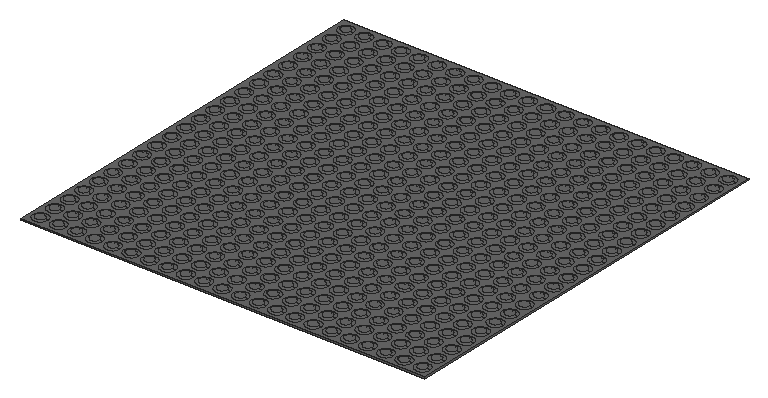
Revit family "141012027113804", category Modelos genéricos, Revit 2018 (continued)
Forms (mm)
  Blend 179, solid, material "Goma negro" <- "Material"
    top sketch origin (133.816, 194.773, 0) x (1, 0, 0) y (0, 1, 0)
      loop
        circle (793.684, -307.273) r 12.5
    from 0 to 1
  Blend 180, solid, material "Goma negro" <- "Material"
    base sketch origin (88.816, 194.773, 0) x (1, 0, 0) y (0, 1, 0)
      loop
        circle (793.684, -307.273) r 17.5
    top sketch origin (88.816, 194.773, 0) x (1, 0, 0) y (0, 1, 0)
      loop
        circle (793.684, -307.273) r 12.5
    from 0 to 1
  Blend 181, solid, material "Goma negro" <- "Material"
    base sketch origin (43.816, 194.773, 0) x (1, 0, 0) y (0, 1, 0)
      loop
        circle (793.684, -307.273) r 17.5
    top sketch origin (43.816, 194.773, 0) x (1, 0, 0) y (0, 1, 0)
      loop
        circle (793.684, -307.273) r 12.5
    from 0 to 1
  Blend 182, solid, material "Goma negro" <- "Material"
    base sketch origin (-1.184, 194.773, 0) x (1, 0, 0) y (0, 1, 0)
      loop
        circle (793.684, -307.273) r 17.5
    top sketch origin (-1.184, 194.773, 0) x (1, 0, 0) y (0, 1, 0)
      loop
        circle (793.684, -307.273) r 12.5
    from 0 to 1
  Blend 183, solid, material "Goma negro" <- "Material"
    base sketch origin (-46.184, 194.773, 0) x (1, 0, 0) y (0, 1, 0)
      loop
        circle (793.684, -307.273) r 17.5
    top sketch origin (-46.184, 194.773, 0) x (1, 0, 0) y (0, 1, 0)
      loop
        circle (793.684, -307.273) r 12.5
    from 0 to 1
  Blend 184, solid, material "Goma negro" <- "Material"
    base sketch origin (-91.184, 194.773, 0) x (1, 0, 0) y (0, 1, 0)
      loop
        circle (793.684, -307.273) r 17.5
    top sketch origin (-91.184, 194.773, 0) x (1, 0, 0) y (0, 1, 0)
      loop
        circle (793.684, -307.273) r 12.5
    from 0 to 1
  Blend 185, solid, material "Goma negro" <- "Material"
    base sketch origin (-136.184, 194.773, 0) x (1, 0, 0) y (0, 1, 0)
      loop
        circle (793.684, -307.273) r 17.5
    top sketch origin (-136.184, 194.773, 0) x (1, 0, 0) y (0, 1, 0)
      loop
        circle (793.684, -307.273) r 12.5
    from 0 to 1
  Blend 186, solid, material "Goma negro" <- "Material"
    base sketch origin (-181.184, 194.773, 0) x (1, 0, 0) y (0, 1, 0)
      loop
        circle (793.684, -307.273) r 17.5
    top sketch origin (-181.184, 194.773, 0) x (1, 0, 0) y (0, 1, 0)
      loop
        circle (793.684, -307.273) r 12.5
    from 0 to 1
  Blend 187, solid, material "Goma negro" <- "Material"
    base sketch origin (-226.184, 194.773, 0) x (1, 0, 0) y (0, 1, 0)
      loop
        circle (793.684, -307.273) r 17.5
    top sketch origin (-226.184, 194.773, 0) x (1, 0, 0) y (0, 1, 0)
      loop
        circle (793.684, -307.273) r 12.5
    from 0 to 1
  Blend 188, solid, material "Goma negro" <- "Material"
    base sketch origin (-271.184, 194.773, 0) x (1, 0, 0) y (0, 1, 0)
      loop
        circle (793.684, -307.273) r 17.5
    top sketch origin (-271.184, 194.773, 0) x (1, 0, 0) y (0, 1, 0)
      loop
        circle (793.684, -307.273) r 12.5
    from 0 to 1
  Blend 189, solid, material "Goma negro" <- "Material"
    base sketch origin (-316.184, 194.773, 0) x (1, 0, 0) y (0, 1, 0)
      loop
        circle (793.684, -307.273) r 17.5
    top sketch origin (-316.184, 194.773, 0) x (1, 0, 0) y (0, 1, 0)
      loop
        circle (793.684, -307.273) r 12.5
    from 0 to 1
  Blend 190, solid, material "Goma negro" <- "Material"
    base sketch origin (-361.184, 194.773, 0) x (1, 0, 0) y (0, 1, 0)
      loop
        circle (793.684, -307.273) r 17.5
    top sketch origin (-361.184, 194.773, 0) x (1, 0, 0) y (0, 1, 0)
      loop
        circle (793.684, -307.273) r 12.5
    from 0 to 1
  Blend 191, solid, material "Goma negro" <- "Material"
    base sketch origin (-406.184, 194.773, 0) x (1, 0, 0) y (0, 1, 0)
      loop
        circle (793.684, -307.273) r 17.5
    top sketch origin (-406.184, 194.773, 0) x (1, 0, 0) y (0, 1, 0)
      loop
        circle (793.684, -307.273) r 12.5
    from 0 to 1
  Blend 192, solid, material "Goma negro" <- "Material"
    base sketch origin (-451.184, 194.773, 0) x (1, 0, 0) y (0, 1, 0)
      loop
        circle (793.684, -307.273) r 17.5
    top sketch origin (-451.184, 194.773, 0) x (1, 0, 0) y (0, 1, 0)
      loop
        circle (793.684, -307.273) r 12.5
    from 0 to 1
  Blend 193, solid, material "Goma negro" <- "Material"
    base sketch origin (-496.184, 194.773, 0) x (1, 0, 0) y (0, 1, 0)
      loop
        circle (793.684, -307.273) r 17.5
    top sketch origin (-496.184, 194.773, 0) x (1, 0, 0) y (0, 1, 0)
      loop
        circle (793.684, -307.273) r 12.5
    from 0 to 1
  Blend 194, solid, material "Goma negro" <- "Material"
    base sketch origin (-541.184, 194.773, 0) x (1, 0, 0) y (0, 1, 0)
      loop
        circle (793.684, -307.273) r 17.5
    top sketch origin (-541.184, 194.773, 0) x (1, 0, 0) y (0, 1, 0)
      loop
        circle (793.684, -307.273) r 12.5
    from 0 to 1
  Blend 195, solid, material "Goma negro" <- "Material"
    base sketch origin (-586.184, 194.773, 0) x (1, 0, 0) y (0, 1, 0)
      loop
        circle (793.684, -307.273) r 17.5
    top sketch origin (-586.184, 194.773, 0) x (1, 0, 0) y (0, 1, 0)
      loop
        circle (793.684, -307.273) r 12.5
    from 0 to 1
  Blend 196, solid, material "Goma negro" <- "Material"
    base sketch origin (-631.184, 194.773, 0) x (1, 0, 0) y (0, 1, 0)
      loop
        circle (793.684, -307.273) r 17.5
    top sketch origin (-631.184, 194.773, 0) x (1, 0, 0) y (0, 1, 0)
      loop
        circle (793.684, -307.273) r 12.5
    from 0 to 1
  Blend 197, solid, material "Goma negro" <- "Material"
    base sketch origin (-676.184, 194.773, 0) x (1, 0, 0) y (0, 1, 0)
      loop
        circle (793.684, -307.273) r 17.5
    top sketch origin (-676.184, 194.773, 0) x (1, 0, 0) y (0, 1, 0)
      loop
        circle (793.684, -307.273) r 12.5
    from 0 to 1
  Blend 198, solid, material "Goma negro" <- "Material"
    base sketch origin (-721.184, 194.773, 0) x (1, 0, 0) y (0, 1, 0)
      loop
        circle (793.684, -307.273) r 17.5
    top sketch origin (-721.184, 194.773, 0) x (1, 0, 0) y (0, 1, 0)
      loop
        circle (793.684, -307.273) r 12.5
    from 0 to 1
  Blend 199, solid, material "Goma negro" <- "Material"
    base sketch origin (-766.184, 194.773, 0) x (1, 0, 0) y (0, 1, 0)
      loop
        circle (793.684, -307.273) r 17.5
    top sketch origin (-766.184, 194.773, 0) x (1, 0, 0) y (0, 1, 0)
      loop
        circle (793.684, -307.273) r 12.5
    from 0 to 1
  Blend 200, solid, material "Goma negro" <- "Material"
    base sketch origin (178.816, 239.773, 0) x (1, 0, 0) y (0, 1, 0)
      loop
        circle (793.684, -307.273) r 17.5
    top sketch origin (178.816, 239.773, 0) x (1, 0, 0) y (0, 1, 0)
      loop
        circle (793.684, -307.273) r 12.5
    from 0 to 1
  Blend 201, solid, material "Goma negro" <- "Material"
    base sketch origin (133.816, 239.773, 0) x (1, 0, 0) y (0, 1, 0)
      loop
        circle (793.684, -307.273) r 17.5
    top sketch origin (133.816, 239.773, 0) x (1, 0, 0) y (0, 1, 0)
      loop
        circle (793.684, -307.273) r 12.5
    from 0 to 1
  Blend 202, solid, material "Goma negro" <- "Material"
    base sketch origin (88.816, 239.773, 0) x (1, 0, 0) y (0, 1, 0)
      loop
        circle (793.684, -307.273) r 17.5
    top sketch origin (88.816, 239.773, 0) x (1, 0, 0) y (0, 1, 0)
      loop
        circle (793.684, -307.273) r 12.5
    from 0 to 1
  Blend 203, solid, material "Goma negro" <- "Material"
    base sketch origin (43.816, 239.773, 0) x (1, 0, 0) y (0, 1, 0)
      loop
        circle (793.684, -307.273) r 17.5
    top sketch origin (43.816, 239.773, 0) x (1, 0, 0) y (0, 1, 0)
      loop
        circle (793.684, -307.273) r 12.5
    from 0 to 1
  Blend 204, solid, material "Goma negro" <- "Material"
    base sketch origin (-1.184, 239.773, 0) x (1, 0, 0) y (0, 1, 0)
      loop
        circle (793.684, -307.273) r 17.5
    top sketch origin (-1.184, 239.773, 0) x (1, 0, 0) y (0, 1, 0)
      loop
        circle (793.684, -307.273) r 12.5
    from 0 to 1
  Blend 205, solid, material "Goma negro" <- "Material"
    base sketch origin (-46.184, 239.773, 0) x (1, 0, 0) y (0, 1, 0)
      loop
        circle (793.684, -307.273) r 17.5
    top sketch origin (-46.184, 239.773, 0) x (1, 0, 0) y (0, 1, 0)
      loop
        circle (793.684, -307.273) r 12.5
    from 0 to 1
  Blend 206, solid, material "Goma negro" <- "Material"
    base sketch origin (-91.184, 239.773, 0) x (1, 0, 0) y (0, 1, 0)
      loop
        circle (793.684, -307.273) r 17.5
    top sketch origin (-91.184, 239.773, 0) x (1, 0, 0) y (0, 1, 0)
      loop
        circle (793.684, -307.273) r 12.5
    from 0 to 1
  Blend 207, solid, material "Goma negro" <- "Material"
    base sketch origin (-136.184, 239.773, 0) x (1, 0, 0) y (0, 1, 0)
      loop
        circle (793.684, -307.273) r 17.5
    top sketch origin (-136.184, 239.773, 0) x (1, 0, 0) y (0, 1, 0)
      loop
        circle (793.684, -307.273) r 12.5
    from 0 to 1
  Blend 208, solid, material "Goma negro" <- "Material"
    base sketch origin (-181.184, 239.773, 0) x (1, 0, 0) y (0, 1, 0)
      loop
        circle (793.684, -307.273) r 17.5
    top sketch origin (-181.184, 239.773, 0) x (1, 0, 0) y (0, 1, 0)
      loop
        circle (793.684, -307.273) r 12.5
    from 0 to 1
  Blend 209, solid, material "Goma negro" <- "Material"
    base sketch origin (-226.184, 239.773, 0) x (1, 0, 0) y (0, 1, 0)
      loop
        circle (793.684, -307.273) r 17.5
    top sketch origin (-226.184, 239.773, 0) x (1, 0, 0) y (0, 1, 0)
      loop
        circle (793.684, -307.273) r 12.5
    from 0 to 1
  Blend 210, solid, material "Goma negro" <- "Material"
    base sketch origin (-271.184, 239.773, 0) x (1, 0, 0) y (0, 1, 0)
      loop
        circle (793.684, -307.273) r 17.5
    top sketch origin (-271.184, 239.773, 0) x (1, 0, 0) y (0, 1, 0)
      loop
        circle (793.684, -307.273) r 12.5
    from 0 to 1
  Blend 211, solid, material "Goma negro" <- "Material"
    base sketch origin (-316.184, 239.773, 0) x (1, 0, 0) y (0, 1, 0)
      loop
        circle (793.684, -307.273) r 17.5
    top sketch origin (-316.184, 239.773, 0) x (1, 0, 0) y (0, 1, 0)
      loop
        circle (793.684, -307.273) r 12.5
    from 0 to 1
  Blend 212, solid, material "Goma negro" <- "Material"
    base sketch origin (-361.184, 239.773, 0) x (1, 0, 0) y (0, 1, 0)
      loop
        circle (793.684, -307.273) r 17.5
    top sketch origin (-361.184, 239.773, 0) x (1, 0, 0) y (0, 1, 0)
      loop
        circle (793.684, -307.273) r 12.5
    from 0 to 1
  Blend 213, solid, material "Goma negro" <- "Material"
    base sketch origin (-406.184, 239.773, 0) x (1, 0, 0) y (0, 1, 0)
      loop
        circle (793.684, -307.273) r 17.5
    top sketch origin (-406.184, 239.773, 0) x (1, 0, 0) y (0, 1, 0)
      loop
        circle (793.684, -307.273) r 12.5
    from 0 to 1
  Blend 214, solid, material "Goma negro" <- "Material"
    base sketch origin (-451.184, 239.773, 0) x (1, 0, 0) y (0, 1, 0)
      loop
        circle (793.684, -307.273) r 17.5
    top sketch origin (-451.184, 239.773, 0) x (1, 0, 0) y (0, 1, 0)
      loop
        circle (793.684, -307.273) r 12.5
    from 0 to 1
  Blend 215, solid, material "Goma negro" <- "Material"
    base sketch origin (-496.184, 239.773, 0) x (1, 0, 0) y (0, 1, 0)
      loop
        circle (793.684, -307.273) r 17.5
    top sketch origin (-496.184, 239.773, 0) x (1, 0, 0) y (0, 1, 0)
      loop
        circle (793.684, -307.273) r 12.5
    from 0 to 1
  Blend 216, solid, material "Goma negro" <- "Material"
    base sketch origin (-541.184, 239.773, 0) x (1, 0, 0) y (0, 1, 0)
      loop
        circle (793.684, -307.273) r 17.5
    top sketch origin (-541.184, 239.773, 0) x (1, 0, 0) y (0, 1, 0)
      loop
        circle (793.684, -307.273) r 12.5
    from 0 to 1
  Blend 217, solid, material "Goma negro" <- "Material"
    base sketch origin (-586.184, 239.773, 0) x (1, 0, 0) y (0, 1, 0)
      loop
        circle (793.684, -307.273) r 17.5
    top sketch origin (-586.184, 239.773, 0) x (1, 0, 0) y (0, 1, 0)
      loop
        circle (793.684, -307.273) r 12.5
    from 0 to 1
  Blend 218, solid, material "Goma negro" <- "Material"
    base sketch origin (-631.184, 239.773, 0) x (1, 0, 0) y (0, 1, 0)
      loop
        circle (793.684, -307.273) r 17.5
    top sketch origin (-631.184, 239.773, 0) x (1, 0, 0) y (0, 1, 0)
      loop
        circle (793.684, -307.273) r 12.5
    from 0 to 1
  Blend 219, solid, material "Goma negro" <- "Material"
    base sketch origin (-676.184, 239.773, 0) x (1, 0, 0) y (0, 1, 0)
      loop
        circle (793.684, -307.273) r 17.5
    top sketch origin (-676.184, 239.773, 0) x (1, 0, 0) y (0, 1, 0)
      loop
        circle (793.684, -307.273) r 12.5
    from 0 to 1
  Blend 220, solid, material "Goma negro" <- "Material"
    base sketch origin (-721.184, 239.773, 0) x (1, 0, 0) y (0, 1, 0)
      loop
        circle (793.684, -307.273) r 17.5
    top sketch origin (-721.184, 239.773, 0) x (1, 0, 0) y (0, 1, 0)
      loop
        circle (793.684, -307.273) r 12.5
    from 0 to 1
  Blend 221, solid, material "Goma negro" <- "Material"
    base sketch origin (-766.184, 239.773, 0) x (1, 0, 0) y (0, 1, 0)
      loop
        circle (793.684, -307.273) r 17.5
    top sketch origin (-766.184, 239.773, 0) x (1, 0, 0) y (0, 1, 0)
      loop
        circle (793.684, -307.273) r 12.5
    from 0 to 1
  Blend 222, solid, material "Goma negro" <- "Material"
    base sketch origin (178.816, 284.773, 0) x (1, 0, 0) y (0, 1, 0)
      loop
        circle (793.684, -307.273) r 17.5
    top sketch origin (178.816, 284.773, 0) x (1, 0, 0) y (0, 1, 0)
      loop
        circle (793.684, -307.273) r 12.5
    from 0 to 1
  Blend 223, solid, material "Goma negro" <- "Material"
    base sketch origin (133.816, 284.773, 0) x (1, 0, 0) y (0, 1, 0)
      loop
        circle (793.684, -307.273) r 17.5
    top sketch origin (133.816, 284.773, 0) x (1, 0, 0) y (0, 1, 0)
      loop
        circle (793.684, -307.273) r 12.5
    from 0 to 1
  Blend 224, solid, material "Goma negro" <- "Material"
    base sketch origin (88.816, 284.773, 0) x (1, 0, 0) y (0, 1, 0)
      loop
        circle (793.684, -307.273) r 17.5
    top sketch origin (88.816, 284.773, 0) x (1, 0, 0) y (0, 1, 0)
      loop
        circle (793.684, -307.273) r 12.5
    from 0 to 1
  Blend 225, solid, material "Goma negro" <- "Material"
    base sketch origin (43.816, 284.773, 0) x (1, 0, 0) y (0, 1, 0)
      loop
        circle (793.684, -307.273) r 17.5
    top sketch origin (43.816, 284.773, 0) x (1, 0, 0) y (0, 1, 0)
      loop
        circle (793.684, -307.273) r 12.5
    from 0 to 1
  Blend 226, solid, material "Goma negro" <- "Material"
    base sketch origin (-1.184, 284.773, 0) x (1, 0, 0) y (0, 1, 0)
      loop
        circle (793.684, -307.273) r 17.5
    top sketch origin (-1.184, 284.773, 0) x (1, 0, 0) y (0, 1, 0)
      loop
        circle (793.684, -307.273) r 12.5
    from 0 to 1
  Blend 227, solid, material "Goma negro" <- "Material"
    base sketch origin (-46.184, 284.773, 0) x (1, 0, 0) y (0, 1, 0)
      loop
        circle (793.684, -307.273) r 17.5
    top sketch origin (-46.184, 284.773, 0) x (1, 0, 0) y (0, 1, 0)
      loop
        circle (793.684, -307.273) r 12.5
    from 0 to 1
  Blend 228, solid, material "Goma negro" <- "Material"
    base sketch origin (-91.184, 284.773, 0) x (1, 0, 0) y (0, 1, 0)
      loop
        circle (793.684, -307.273) r 17.5
    top sketch origin (-91.184, 284.773, 0) x (1, 0, 0) y (0, 1, 0)
      loop
        circle (793.684, -307.273) r 12.5
    from 0 to 1
  Blend 229, solid, material "Goma negro" <- "Material"
    base sketch origin (-136.184, 284.773, 0) x (1, 0, 0) y (0, 1, 0)
      loop
        circle (793.684, -307.273) r 17.5
    top sketch origin (-136.184, 284.773, 0) x (1, 0, 0) y (0, 1, 0)
      loop
        circle (793.684, -307.273) r 12.5
    from 0 to 1
  Blend 230, solid, material "Goma negro" <- "Material"
    base sketch origin (-181.184, 284.773, 0) x (1, 0, 0) y (0, 1, 0)
      loop
        circle (793.684, -307.273) r 17.5
    top sketch origin (-181.184, 284.773, 0) x (1, 0, 0) y (0, 1, 0)
      loop
        circle (793.684, -307.273) r 12.5
    from 0 to 1
  Blend 231, solid, material "Goma negro" <- "Material"
    base sketch origin (-226.184, 284.773, 0) x (1, 0, 0) y (0, 1, 0)
      loop
        circle (793.684, -307.273) r 17.5
    top sketch origin (-226.184, 284.773, 0) x (1, 0, 0) y (0, 1, 0)
      loop
        circle (793.684, -307.273) r 12.5
    from 0 to 1
  Blend 232, solid, material "Goma negro" <- "Material"
    base sketch origin (-271.184, 284.773, 0) x (1, 0, 0) y (0, 1, 0)
      loop
        circle (793.684, -307.273) r 17.5
    top sketch origin (-271.184, 284.773, 0) x (1, 0, 0) y (0, 1, 0)
      loop
        circle (793.684, -307.273) r 12.5
    from 0 to 1
  Blend 233, solid, material "Goma negro" <- "Material"
    base sketch origin (-316.184, 284.773, 0) x (1, 0, 0) y (0, 1, 0)
      loop
        circle (793.684, -307.273) r 17.5
    top sketch origin (-316.184, 284.773, 0) x (1, 0, 0) y (0, 1, 0)
      loop
        circle (793.684, -307.273) r 12.5
    from 0 to 1
  Blend 234, solid, material "Goma negro" <- "Material"
    base sketch origin (-361.184, 284.773, 0) x (1, 0, 0) y (0, 1, 0)
      loop
        circle (793.684, -307.273) r 17.5
    top sketch origin (-361.184, 284.773, 0) x (1, 0, 0) y (0, 1, 0)
      loop
        circle (793.684, -307.273) r 12.5
    from 0 to 1
  Blend 235, solid, material "Goma negro" <- "Material"
    base sketch origin (-406.184, 284.773, 0) x (1, 0, 0) y (0, 1, 0)
      loop
        circle (793.684, -307.273) r 17.5
    top sketch origin (-406.184, 284.773, 0) x (1, 0, 0) y (0, 1, 0)
      loop
        circle (793.684, -307.273) r 12.5
    from 0 to 1
  Blend 236, solid, material "Goma negro" <- "Material"
    base sketch origin (-451.184, 284.773, 0) x (1, 0, 0) y (0, 1, 0)
      loop
        circle (793.684, -307.273) r 17.5
    top sketch origin (-451.184, 284.773, 0) x (1, 0, 0) y (0, 1, 0)
      loop
        circle (793.684, -307.273) r 12.5
    from 0 to 1
  Blend 237, solid, material "Goma negro" <- "Material"
    base sketch origin (-496.184, 284.773, 0) x (1, 0, 0) y (0, 1, 0)
      loop
        circle (793.684, -307.273) r 17.5
    top sketch origin (-496.184, 284.773, 0) x (1, 0, 0) y (0, 1, 0)
      loop
        circle (793.684, -307.273) r 12.5
    from 0 to 1
  Blend 238, solid, material "Goma negro" <- "Material"
    base sketch origin (-541.184, 284.773, 0) x (1, 0, 0) y (0, 1, 0)
      loop
        circle (793.684, -307.273) r 17.5
    top sketch origin (-541.184, 284.773, 0) x (1, 0, 0) y (0, 1, 0)
      loop
        circle (793.684, -307.273) r 12.5
    from 0 to 1
  Blend 239, solid, material "Goma negro" <- "Material"
    base sketch origin (-586.184, 284.773, 0) x (1, 0, 0) y (0, 1, 0)
      loop
        circle (793.684, -307.273) r 17.5
    top sketch origin (-586.184, 284.773, 0) x (1, 0, 0) y (0, 1, 0)
      loop
        circle (793.684, -307.273) r 12.5
    from 0 to 1
  Blend 240, solid, material "Goma negro" <- "Material"
    base sketch origin (-631.184, 284.773, 0) x (1, 0, 0) y (0, 1, 0)
      loop
        circle (793.684, -307.273) r 17.5
    top sketch origin (-631.184, 284.773, 0) x (1, 0, 0) y (0, 1, 0)
      loop
        circle (793.684, -307.273) r 12.5
    from 0 to 1
  Blend 241, solid, material "Goma negro" <- "Material"
    base sketch origin (-676.184, 284.773, 0) x (1, 0, 0) y (0, 1, 0)
      loop
        circle (793.684, -307.273) r 17.5
    top sketch origin (-676.184, 284.773, 0) x (1, 0, 0) y (0, 1, 0)
      loop
        circle (793.684, -307.273) r 12.5
    from 0 to 1
  Blend 242, solid, material "Goma negro" <- "Material"
    base sketch origin (-721.184, 284.773, 0) x (1, 0, 0) y (0, 1, 0)
      loop
        circle (793.684, -307.273) r 17.5
    top sketch origin (-721.184, 284.773, 0) x (1, 0, 0) y (0, 1, 0)
      loop
        circle (793.684, -307.273) r 12.5
    from 0 to 1
  Blend 243, solid, material "Goma negro" <- "Material"
    base sketch origin (-766.184, 284.773, 0) x (1, 0, 0) y (0, 1, 0)
      loop
        circle (793.684, -307.273) r 17.5
    top sketch origin (-766.184, 284.773, 0) x (1, 0, 0) y (0, 1, 0)
      loop
        circle (793.684, -307.273) r 12.5
    from 0 to 1
  Blend 244, solid, material "Goma negro" <- "Material"
    base sketch origin (178.816, 329.773, 0) x (1, 0, 0) y (0, 1, 0)
      loop
        circle (793.684, -307.273) r 17.5
    top sketch origin (178.816, 329.773, 0) x (1, 0, 0) y (0, 1, 0)
      loop
        circle (793.684, -307.273) r 12.5
    from 0 to 1
  Blend 245, solid, material "Goma negro" <- "Material"
    base sketch origin (133.816, 329.773, 0) x (1, 0, 0) y (0, 1, 0)
      loop
        circle (793.684, -307.273) r 17.5
    top sketch origin (133.816, 329.773, 0) x (1, 0, 0) y (0, 1, 0)
      loop
        circle (793.684, -307.273) r 12.5
    from 0 to 1
  Blend 246, solid, material "Goma negro" <- "Material"
    base sketch origin (88.816, 329.773, 0) x (1, 0, 0) y (0, 1, 0)
      loop
        circle (793.684, -307.273) r 17.5
    top sketch origin (88.816, 329.773, 0) x (1, 0, 0) y (0, 1, 0)
      loop
        circle (793.684, -307.273) r 12.5
    from 0 to 1
  Blend 247, solid, material "Goma negro" <- "Material"
    base sketch origin (43.816, 329.773, 0) x (1, 0, 0) y (0, 1, 0)
      loop
        circle (793.684, -307.273) r 17.5
    top sketch origin (43.816, 329.773, 0) x (1, 0, 0) y (0, 1, 0)
      loop
        circle (793.684, -307.273) r 12.5
    from 0 to 1
  Blend 248, solid, material "Goma negro" <- "Material"
    base sketch origin (-1.184, 329.773, 0) x (1, 0, 0) y (0, 1, 0)
      loop
        circle (793.684, -307.273) r 17.5
    top sketch origin (-1.184, 329.773, 0) x (1, 0, 0) y (0, 1, 0)
      loop
        circle (793.684, -307.273) r 12.5
    from 0 to 1
  Blend 249, solid, material "Goma negro" <- "Material"
    base sketch origin (-46.184, 329.773, 0) x (1, 0, 0) y (0, 1, 0)
      loop
        circle (793.684, -307.273) r 17.5
    top sketch origin (-46.184, 329.773, 0) x (1, 0, 0) y (0, 1, 0)
      loop
        circle (793.684, -307.273) r 12.5
    from 0 to 1
  Blend 250, solid, material "Goma negro" <- "Material"
    base sketch origin (-91.184, 329.773, 0) x (1, 0, 0) y (0, 1, 0)
      loop
        circle (793.684, -307.273) r 17.5
    top sketch origin (-91.184, 329.773, 0) x (1, 0, 0) y (0, 1, 0)
      loop
        circle (793.684, -307.273) r 12.5
    from 0 to 1
  Blend 251, solid, material "Goma negro" <- "Material"
    base sketch origin (-136.184, 329.773, 0) x (1, 0, 0) y (0, 1, 0)
      loop
        circle (793.684, -307.273) r 17.5
    top sketch origin (-136.184, 329.773, 0) x (1, 0, 0) y (0, 1, 0)
      loop
        circle (793.684, -307.273) r 12.5
    from 0 to 1
  Blend 252, solid, material "Goma negro" <- "Material"
    base sketch origin (-181.184, 329.773, 0) x (1, 0, 0) y (0, 1, 0)
      loop
        circle (793.684, -307.273) r 17.5
    top sketch origin (-181.184, 329.773, 0) x (1, 0, 0) y (0, 1, 0)
      loop
        circle (793.684, -307.273) r 12.5
    from 0 to 1
  Blend 253, solid, material "Goma negro" <- "Material"
    base sketch origin (-226.184, 329.773, 0) x (1, 0, 0) y (0, 1, 0)
      loop
        circle (793.684, -307.273) r 17.5
    top sketch origin (-226.184, 329.773, 0) x (1, 0, 0) y (0, 1, 0)
      loop
        circle (793.684, -307.273) r 12.5
    from 0 to 1
  Blend 254, solid, material "Goma negro" <- "Material"
    base sketch origin (-271.184, 329.773, 0) x (1, 0, 0) y (0, 1, 0)
      loop
        circle (793.684, -307.273) r 17.5
    top sketch origin (-271.184, 329.773, 0) x (1, 0, 0) y (0, 1, 0)
      loop
        circle (793.684, -307.273) r 12.5
    from 0 to 1
  Blend 255, solid, material "Goma negro" <- "Material"
    base sketch origin (-316.184, 329.773, 0) x (1, 0, 0) y (0, 1, 0)
      loop
        circle (793.684, -307.273) r 17.5
    top sketch origin (-316.184, 329.773, 0) x (1, 0, 0) y (0, 1, 0)
      loop
        circle (793.684, -307.273) r 12.5
    from 0 to 1
  Blend 256, solid, material "Goma negro" <- "Material"
    base sketch origin (-361.184, 329.773, 0) x (1, 0, 0) y (0, 1, 0)
      loop
        circle (793.684, -307.273) r 17.5
    top sketch origin (-361.184, 329.773, 0) x (1, 0, 0) y (0, 1, 0)
      loop
        circle (793.684, -307.273) r 12.5
    from 0 to 1
  Blend 257, solid, material "Goma negro" <- "Material"
    base sketch origin (-406.184, 329.773, 0) x (1, 0, 0) y (0, 1, 0)
      loop
        circle (793.684, -307.273) r 17.5
    top sketch origin (-406.184, 329.773, 0) x (1, 0, 0) y (0, 1, 0)
      loop
        circle (793.684, -307.273) r 12.5
    from 0 to 1
  Blend 258, solid, material "Goma negro" <- "Material"
    base sketch origin (-451.184, 329.773, 0) x (1, 0, 0) y (0, 1, 0)
      loop
        circle (793.684, -307.273) r 17.5
    top sketch origin (-451.184, 329.773, 0) x (1, 0, 0) y (0, 1, 0)
      loop
        circle (793.684, -307.273) r 12.5
    from 0 to 1
  Blend 259, solid, material "Goma negro" <- "Material"
    base sketch origin (-496.184, 329.773, 0) x (1, 0, 0) y (0, 1, 0)
      loop
        circle (793.684, -307.273) r 17.5
    top sketch origin (-496.184, 329.773, 0) x (1, 0, 0) y (0, 1, 0)
      loop
        circle (793.684, -307.273) r 12.5
    from 0 to 1
  Blend 260, solid, material "Goma negro" <- "Material"
    base sketch origin (-541.184, 329.773, 0) x (1, 0, 0) y (0, 1, 0)
      loop
        circle (793.684, -307.273) r 17.5
    top sketch origin (-541.184, 329.773, 0) x (1, 0, 0) y (0, 1, 0)
      loop
        circle (793.684, -307.273) r 12.5
    from 0 to 1
  Blend 261, solid, material "Goma negro" <- "Material"
    base sketch origin (-586.184, 329.773, 0) x (1, 0, 0) y (0, 1, 0)
      loop
        circle (793.684, -307.273) r 17.5
    top sketch origin (-586.184, 329.773, 0) x (1, 0, 0) y (0, 1, 0)
      loop
        circle (793.684, -307.273) r 12.5
    from 0 to 1
  Blend 262, solid, material "Goma negro" <- "Material"
    base sketch origin (-631.184, 329.773, 0) x (1, 0, 0) y (0, 1, 0)
      loop
        circle (793.684, -307.273) r 17.5
    top sketch origin (-631.184, 329.773, 0) x (1, 0, 0) y (0, 1, 0)
      loop
        circle (793.684, -307.273) r 12.5
    from 0 to 1
  Blend 263, solid, material "Goma negro" <- "Material"
    base sketch origin (-676.184, 329.773, 0) x (1, 0, 0) y (0, 1, 0)
      loop
        circle (793.684, -307.273) r 17.5
    top sketch origin (-676.184, 329.773, 0) x (1, 0, 0) y (0, 1, 0)
      loop
        circle (793.684, -307.273) r 12.5
    from 0 to 1
  Blend 264, solid, material "Goma negro" <- "Material"
    base sketch origin (-721.184, 329.773, 0) x (1, 0, 0) y (0, 1, 0)
      loop
        circle (793.684, -307.273) r 17.5
    top sketch origin (-721.184, 329.773, 0) x (1, 0, 0) y (0, 1, 0)
      loop
        circle (793.684, -307.273) r 12.5
    from 0 to 1
  Blend 265, solid, material "Goma negro" <- "Material"
    base sketch origin (-766.184, 329.773, 0) x (1, 0, 0) y (0, 1, 0)
      loop
        circle (793.684, -307.273) r 17.5
    top sketch origin (-766.184, 329.773, 0) x (1, 0, 0) y (0, 1, 0)
      loop
        circle (793.684, -307.273) r 12.5
    from 0 to 1
  Blend 266, solid, material "Goma negro" <- "Material"
    base sketch origin (178.816, 374.773, 0) x (1, 0, 0) y (0, 1, 0)
      loop
        circle (793.684, -307.273) r 17.5
    top sketch origin (178.816, 374.773, 0) x (1, 0, 0) y (0, 1, 0)
      loop
        circle (793.684, -307.273) r 12.5
    from 0 to 1
  Blend 267, solid, material "Goma negro" <- "Material"
    base sketch origin (133.816, 374.773, 0) x (1, 0, 0) y (0, 1, 0)
      loop
        circle (793.684, -307.273) r 17.5
    top sketch origin (133.816, 374.773, 0) x (1, 0, 0) y (0, 1, 0)
      loop
        circle (793.684, -307.273) r 12.5
    from 0 to 1
  Blend 268, solid, material "Goma negro" <- "Material"
    base sketch origin (88.816, 374.773, 0) x (1, 0, 0) y (0, 1, 0)
      loop
        circle (793.684, -307.273) r 17.5
    top sketch origin (88.816, 374.773, 0) x (1, 0, 0) y (0, 1, 0)
      loop
        circle (793.684, -307.273) r 12.5
    from 0 to 1
  Blend 269, solid, material "Goma negro" <- "Material"
    base sketch origin (43.816, 374.773, 0) x (1, 0, 0) y (0, 1, 0)
      loop
        circle (793.684, -307.273) r 17.5
    top sketch origin (43.816, 374.773, 0) x (1, 0, 0) y (0, 1, 0)
      loop
        circle (793.684, -307.273) r 12.5
    from 0 to 1
  Blend 270, solid, material "Goma negro" <- "Material"
    base sketch origin (-1.184, 374.773, 0) x (1, 0, 0) y (0, 1, 0)
      loop
        circle (793.684, -307.273) r 17.5
    top sketch origin (-1.184, 374.773, 0) x (1, 0, 0) y (0, 1, 0)
      loop
        circle (793.684, -307.273) r 12.5
    from 0 to 1
  Blend 271, solid, material "Goma negro" <- "Material"
    base sketch origin (-46.184, 374.773, 0) x (1, 0, 0) y (0, 1, 0)
      loop
        circle (793.684, -307.273) r 17.5
    top sketch origin (-46.184, 374.773, 0) x (1, 0, 0) y (0, 1, 0)
      loop
        circle (793.684, -307.273) r 12.5
    from 0 to 1
  Blend 272, solid, material "Goma negro" <- "Material"
    base sketch origin (-91.184, 374.773, 0) x (1, 0, 0) y (0, 1, 0)
      loop
        circle (793.684, -307.273) r 17.5
    top sketch origin (-91.184, 374.773, 0) x (1, 0, 0) y (0, 1, 0)
      loop
        circle (793.684, -307.273) r 12.5
    from 0 to 1
  Blend 273, solid, material "Goma negro" <- "Material"
    base sketch origin (-136.184, 374.773, 0) x (1, 0, 0) y (0, 1, 0)
      loop
        circle (793.684, -307.273) r 17.5
    top sketch origin (-136.184, 374.773, 0) x (1, 0, 0) y (0, 1, 0)
      loop
        circle (793.684, -307.273) r 12.5
    from 0 to 1
  Blend 274, solid, material "Goma negro" <- "Material"
    base sketch origin (-181.184, 374.773, 0) x (1, 0, 0) y (0, 1, 0)
      loop
        circle (793.684, -307.273) r 17.5
    top sketch origin (-181.184, 374.773, 0) x (1, 0, 0) y (0, 1, 0)
      loop
        circle (793.684, -307.273) r 12.5
    from 0 to 1
  Blend 275, solid, material "Goma negro" <- "Material"
    base sketch origin (-226.184, 374.773, 0) x (1, 0, 0) y (0, 1, 0)
      loop
        circle (793.684, -307.273) r 17.5
    top sketch origin (-226.184, 374.773, 0) x (1, 0, 0) y (0, 1, 0)
      loop
        circle (793.684, -307.273) r 12.5
    from 0 to 1
  Blend 276, solid, material "Goma negro" <- "Material"
    base sketch origin (-271.184, 374.773, 0) x (1, 0, 0) y (0, 1, 0)
      loop
        circle (793.684, -307.273) r 17.5
    top sketch origin (-271.184, 374.773, 0) x (1, 0, 0) y (0, 1, 0)
      loop
        circle (793.684, -307.273) r 12.5
    from 0 to 1
  Blend 277, solid, material "Goma negro" <- "Material"
    base sketch origin (-316.184, 374.773, 0) x (1, 0, 0) y (0, 1, 0)
      loop
        circle (793.684, -307.273) r 17.5
    top sketch origin (-316.184, 374.773, 0) x (1, 0, 0) y (0, 1, 0)
      loop
        circle (793.684, -307.273) r 12.5
    from 0 to 1
  Blend 278, solid, material "Goma negro" <- "Material"
    base sketch origin (-361.184, 374.773, 0) x (1, 0, 0) y (0, 1, 0)
      loop
        circle (793.684, -307.273) r 17.5
    top sketch origin (-361.184, 374.773, 0) x (1, 0, 0) y (0, 1, 0)
      loop
        circle (793.684, -307.273) r 12.5
    from 0 to 1
  Blend 279, solid, material "Goma negro" <- "Material"
    base sketch origin (-406.184, 374.773, 0) x (1, 0, 0) y (0, 1, 0)
      loop
        circle (793.684, -307.273) r 17.5
    top sketch origin (-406.184, 374.773, 0) x (1, 0, 0) y (0, 1, 0)
      loop
        circle (793.684, -307.273) r 12.5
    from 0 to 1
  Blend 280, solid, material "Goma negro" <- "Material"
    base sketch origin (-451.184, 374.773, 0) x (1, 0, 0) y (0, 1, 0)
      loop
        circle (793.684, -307.273) r 17.5
    top sketch origin (-451.184, 374.773, 0) x (1, 0, 0) y (0, 1, 0)
      loop
        circle (793.684, -307.273) r 12.5
    from 0 to 1
  Blend 281, solid, material "Goma negro" <- "Material"
    base sketch origin (-496.184, 374.773, 0) x (1, 0, 0) y (0, 1, 0)
      loop
        circle (793.684, -307.273) r 17.5
    top sketch origin (-496.184, 374.773, 0) x (1, 0, 0) y (0, 1, 0)
      loop
        circle (793.684, -307.273) r 12.5
    from 0 to 1
  Blend 282, solid, material "Goma negro" <- "Material"
    base sketch origin (-541.184, 374.773, 0) x (1, 0, 0) y (0, 1, 0)
      loop
        circle (793.684, -307.273) r 17.5
    top sketch origin (-541.184, 374.773, 0) x (1, 0, 0) y (0, 1, 0)
      loop
        circle (793.684, -307.273) r 12.5
    from 0 to 1
  Blend 283, solid, material "Goma negro" <- "Material"
    base sketch origin (-586.184, 374.773, 0) x (1, 0, 0) y (0, 1, 0)
      loop
        circle (793.684, -307.273) r 17.5
    top sketch origin (-586.184, 374.773, 0) x (1, 0, 0) y (0, 1, 0)
      loop
        circle (793.684, -307.273) r 12.5
    from 0 to 1
  Blend 284, solid, material "Goma negro" <- "Material"
    base sketch origin (-631.184, 374.773, 0) x (1, 0, 0) y (0, 1, 0)
      loop
        circle (793.684, -307.273) r 17.5
    top sketch origin (-631.184, 374.773, 0) x (1, 0, 0) y (0, 1, 0)
      loop
        circle (793.684, -307.273) r 12.5
    from 0 to 1
  Blend 285, solid, material "Goma negro" <- "Material"
    base sketch origin (-676.184, 374.773, 0) x (1, 0, 0) y (0, 1, 0)
      loop
        circle (793.684, -307.273) r 17.5
    top sketch origin (-676.184, 374.773, 0) x (1, 0, 0) y (0, 1, 0)
      loop
        circle (793.684, -307.273) r 12.5
    from 0 to 1
  Blend 286, solid, material "Goma negro" <- "Material"
    base sketch origin (-721.184, 374.773, 0) x (1, 0, 0) y (0, 1, 0)
      loop
        circle (793.684, -307.273) r 17.5
    top sketch origin (-721.184, 374.773, 0) x (1, 0, 0) y (0, 1, 0)
      loop
        circle (793.684, -307.273) r 12.5
    from 0 to 1
  Blend 287, solid, material "Goma negro" <- "Material"
    base sketch origin (-766.184, 374.773, 0) x (1, 0, 0) y (0, 1, 0)
      loop
        circle (793.684, -307.273) r 17.5
    top sketch origin (-766.184, 374.773, 0) x (1, 0, 0) y (0, 1, 0)
      loop
        circle (793.684, -307.273) r 12.5
    from 0 to 1
  Blend 288, solid, material "Goma negro" <- "Material"
    base sketch origin (178.816, 419.773, 0) x (1, 0, 0) y (0, 1, 0)
      loop
        circle (793.684, -307.273) r 17.5
    top sketch origin (178.816, 419.773, 0) x (1, 0, 0) y (0, 1, 0)
      loop
        circle (793.684, -307.273) r 12.5
    from 0 to 1
  Blend 289, solid, material "Goma negro" <- "Material"
    base sketch origin (133.816, 419.773, 0) x (1, 0, 0) y (0, 1, 0)
      loop
        circle (793.684, -307.273) r 17.5
    top sketch origin (133.816, 419.773, 0) x (1, 0, 0) y (0, 1, 0)
      loop
        circle (793.684, -307.273) r 12.5
    from 0 to 1
  Blend 290, solid, material "Goma negro" <- "Material"
    base sketch origin (88.816, 419.773, 0) x (1, 0, 0) y (0, 1, 0)
      loop
        circle (793.684, -307.273) r 17.5
    top sketch origin (88.816, 419.773, 0) x (1, 0, 0) y (0, 1, 0)
      loop
        circle (793.684, -307.273) r 12.5
    from 0 to 1
  Blend 291, solid, material "Goma negro" <- "Material"
    base sketch origin (43.816, 419.773, 0) x (1, 0, 0) y (0, 1, 0)
      loop
        circle (793.684, -307.273) r 17.5
    top sketch origin (43.816, 419.773, 0) x (1, 0, 0) y (0, 1, 0)
      loop
        circle (793.684, -307.273) r 12.5
    from 0 to 1
  Blend 292, solid, material "Goma negro" <- "Material"
    base sketch origin (-1.184, 419.773, 0) x (1, 0, 0) y (0, 1, 0)
      loop
        circle (793.684, -307.273) r 17.5
    top sketch origin (-1.184, 419.773, 0) x (1, 0, 0) y (0, 1, 0)
      loop
        circle (793.684, -307.273) r 12.5
    from 0 to 1
  Blend 293, solid, material "Goma negro" <- "Material"
    base sketch origin (-46.184, 419.773, 0) x (1, 0, 0) y (0, 1, 0)
      loop
        circle (793.684, -307.273) r 17.5
    top sketch origin (-46.184, 419.773, 0) x (1, 0, 0) y (0, 1, 0)
      loop
        circle (793.684, -307.273) r 12.5
    from 0 to 1
  Blend 294, solid, material "Goma negro" <- "Material"
    base sketch origin (-91.184, 419.773, 0) x (1, 0, 0) y (0, 1, 0)
      loop
        circle (793.684, -307.273) r 17.5
    top sketch origin (-91.184, 419.773, 0) x (1, 0, 0) y (0, 1, 0)
      loop
        circle (793.684, -307.273) r 12.5
    from 0 to 1
  Blend 295, solid, material "Goma negro" <- "Material"
    base sketch origin (-136.184, 419.773, 0) x (1, 0, 0) y (0, 1, 0)
      loop
        circle (793.684, -307.273) r 17.5
    top sketch origin (-136.184, 419.773, 0) x (1, 0, 0) y (0, 1, 0)
      loop
        circle (793.684, -307.273) r 12.5
    from 0 to 1
  Blend 296, solid, material "Goma negro" <- "Material"
    base sketch origin (-181.184, 419.773, 0) x (1, 0, 0) y (0, 1, 0)
      loop
        circle (793.684, -307.273) r 17.5
    top sketch origin (-181.184, 419.773, 0) x (1, 0, 0) y (0, 1, 0)
      loop
        circle (793.684, -307.273) r 12.5
    from 0 to 1
  Blend 297, solid, material "Goma negro" <- "Material"
    base sketch origin (-226.184, 419.773, 0) x (1, 0, 0) y (0, 1, 0)
      loop
        circle (793.684, -307.273) r 17.5
    top sketch origin (-226.184, 419.773, 0) x (1, 0, 0) y (0, 1, 0)
      loop
        circle (793.684, -307.273) r 12.5
    from 0 to 1
  Blend 298, solid, material "Goma negro" <- "Material"
    base sketch origin (-271.184, 419.773, 0) x (1, 0, 0) y (0, 1, 0)
      loop
        circle (793.684, -307.273) r 17.5
    top sketch origin (-271.184, 419.773, 0) x (1, 0, 0) y (0, 1, 0)
      loop
        circle (793.684, -307.273) r 12.5
    from 0 to 1
  Blend 299, solid, material "Goma negro" <- "Material"
    base sketch origin (-316.184, 419.773, 0) x (1, 0, 0) y (0, 1, 0)
      loop
        circle (793.684, -307.273) r 17.5
    top sketch origin (-316.184, 419.773, 0) x (1, 0, 0) y (0, 1, 0)
      loop
        circle (793.684, -307.273) r 12.5
    from 0 to 1
  Blend 300, solid, material "Goma negro" <- "Material"
    base sketch origin (-361.184, 419.773, 0) x (1, 0, 0) y (0, 1, 0)
      loop
        circle (793.684, -307.273) r 17.5
    top sketch origin (-361.184, 419.773, 0) x (1, 0, 0) y (0, 1, 0)
      loop
        circle (793.684, -307.273) r 12.5
    from 0 to 1
  Blend 301, solid, material "Goma negro" <- "Material"
    base sketch origin (-406.184, 419.773, 0) x (1, 0, 0) y (0, 1, 0)
      loop
        circle (793.684, -307.273) r 17.5
    top sketch origin (-406.184, 419.773, 0) x (1, 0, 0) y (0, 1, 0)
      loop
        circle (793.684, -307.273) r 12.5
    from 0 to 1
  Blend 302, solid, material "Goma negro" <- "Material"
    base sketch origin (-451.184, 419.773, 0) x (1, 0, 0) y (0, 1, 0)
      loop
        circle (793.684, -307.273) r 17.5
    top sketch origin (-451.184, 419.773, 0) x (1, 0, 0) y (0, 1, 0)
      loop
        circle (793.684, -307.273) r 12.5
    from 0 to 1
  Blend 303, solid, material "Goma negro" <- "Material"
    base sketch origin (-496.184, 419.773, 0) x (1, 0, 0) y (0, 1, 0)
      loop
        circle (793.684, -307.273) r 17.5
    top sketch origin (-496.184, 419.773, 0) x (1, 0, 0) y (0, 1, 0)
      loop
        circle (793.684, -307.273) r 12.5
    from 0 to 1
  Blend 304, solid, material "Goma negro" <- "Material"
    base sketch origin (-541.184, 419.773, 0) x (1, 0, 0) y (0, 1, 0)
      loop
        circle (793.684, -307.273) r 17.5
    top sketch origin (-541.184, 419.773, 0) x (1, 0, 0) y (0, 1, 0)
      loop
        circle (793.684, -307.273) r 12.5
    from 0 to 1
  Blend 305, solid, material "Goma negro" <- "Material"
    base sketch origin (-586.184, 419.773, 0) x (1, 0, 0) y (0, 1, 0)
      loop
        circle (793.684, -307.273) r 17.5
    top sketch origin (-586.184, 419.773, 0) x (1, 0, 0) y (0, 1, 0)
      loop
        circle (793.684, -307.273) r 12.5
    from 0 to 1
  Blend 306, solid, material "Goma negro" <- "Material"
    base sketch origin (-631.184, 419.773, 0) x (1, 0, 0) y (0, 1, 0)
      loop
        circle (793.684, -307.273) r 17.5
    top sketch origin (-631.184, 419.773, 0) x (1, 0, 0) y (0, 1, 0)
      loop
        circle (793.684, -307.273) r 12.5
    from 0 to 1
  Blend 307, solid, material "Goma negro" <- "Material"
    base sketch origin (-676.184, 419.773, 0) x (1, 0, 0) y (0, 1, 0)
      loop
        circle (793.684, -307.273) r 17.5
    top sketch origin (-676.184, 419.773, 0) x (1, 0, 0) y (0, 1, 0)
      loop
        circle (793.684, -307.273) r 12.5
    from 0 to 1
  Blend 308, solid, material "Goma negro" <- "Material"
    base sketch origin (-721.184, 419.773, 0) x (1, 0, 0) y (0, 1, 0)
      loop
        circle (793.684, -307.273) r 17.5
    top sketch origin (-721.184, 419.773, 0) x (1, 0, 0) y (0, 1, 0)
      loop
        circle (793.684, -307.273) r 12.5
    from 0 to 1
  Blend 309, solid, material "Goma negro" <- "Material"
    base sketch origin (-766.184, 419.773, 0) x (1, 0, 0) y (0, 1, 0)
      loop
        circle (793.684, -307.273) r 17.5
    top sketch origin (-766.184, 419.773, 0) x (1, 0, 0) y (0, 1, 0)
      loop
        circle (793.684, -307.273) r 12.5
    from 0 to 1
  Blend 310, solid, material "Goma negro" <- "Material"
    base sketch origin (178.816, 464.773, 0) x (1, 0, 0) y (0, 1, 0)
      loop
        circle (793.684, -307.273) r 17.5
    top sketch origin (178.816, 464.773, 0) x (1, 0, 0) y (0, 1, 0)
      loop
        circle (793.684, -307.273) r 12.5
    from 0 to 1
  Blend 311, solid, material "Goma negro" <- "Material"
    base sketch origin (133.816, 464.773, 0) x (1, 0, 0) y (0, 1, 0)
      loop
        circle (793.684, -307.273) r 17.5
    top sketch origin (133.816, 464.773, 0) x (1, 0, 0) y (0, 1, 0)
      loop
        circle (793.684, -307.273) r 12.5
    from 0 to 1
  Blend 312, solid, material "Goma negro" <- "Material"
    base sketch origin (88.816, 464.773, 0) x (1, 0, 0) y (0, 1, 0)
      loop
        circle (793.684, -307.273) r 17.5
    top sketch origin (88.816, 464.773, 0) x (1, 0, 0) y (0, 1, 0)
      loop
        circle (793.684, -307.273) r 12.5
    from 0 to 1
  Blend 313, solid, material "Goma negro" <- "Material"
    base sketch origin (43.816, 464.773, 0) x (1, 0, 0) y (0, 1, 0)
      loop
        circle (793.684, -307.273) r 17.5
    top sketch origin (43.816, 464.773, 0) x (1, 0, 0) y (0, 1, 0)
      loop
        circle (793.684, -307.273) r 12.5
    from 0 to 1
  Blend 314, solid, material "Goma negro" <- "Material"
    base sketch origin (-1.184, 464.773, 0) x (1, 0, 0) y (0, 1, 0)
      loop
        circle (793.684, -307.273) r 17.5
    top sketch origin (-1.184, 464.773, 0) x (1, 0, 0) y (0, 1, 0)
      loop
        circle (793.684, -307.273) r 12.5
    from 0 to 1
  Blend 315, solid, material "Goma negro" <- "Material"
    base sketch origin (-46.184, 464.773, 0) x (1, 0, 0) y (0, 1, 0)
      loop
        circle (793.684, -307.273) r 17.5
    top sketch origin (-46.184, 464.773, 0) x (1, 0, 0) y (0, 1, 0)
      loop
        circle (793.684, -307.273) r 12.5
    from 0 to 1
  Blend 316, solid, material "Goma negro" <- "Material"
    base sketch origin (-91.184, 464.773, 0) x (1, 0, 0) y (0, 1, 0)
      loop
        circle (793.684, -307.273) r 17.5
    top sketch origin (-91.184, 464.773, 0) x (1, 0, 0) y (0, 1, 0)
      loop
        circle (793.684, -307.273) r 12.5
    from 0 to 1
  Blend 317, solid, material "Goma negro" <- "Material"
    base sketch origin (-136.184, 464.773, 0) x (1, 0, 0) y (0, 1, 0)
      loop
        circle (793.684, -307.273) r 17.5
    top sketch origin (-136.184, 464.773, 0) x (1, 0, 0) y (0, 1, 0)
      loop
        circle (793.684, -307.273) r 12.5
    from 0 to 1
  Blend 318, solid, material "Goma negro" <- "Material"
    base sketch origin (-181.184, 464.773, 0) x (1, 0, 0) y (0, 1, 0)
      loop
        circle (793.684, -307.273) r 17.5
    top sketch origin (-181.184, 464.773, 0) x (1, 0, 0) y (0, 1, 0)
      loop
        circle (793.684, -307.273) r 12.5
    from 0 to 1
  Blend 319, solid, material "Goma negro" <- "Material"
    base sketch origin (-226.184, 464.773, 0) x (1, 0, 0) y (0, 1, 0)
      loop
        circle (793.684, -307.273) r 17.5
    top sketch origin (-226.184, 464.773, 0) x (1, 0, 0) y (0, 1, 0)
      loop
        circle (793.684, -307.273) r 12.5
    from 0 to 1
  Blend 320, solid, material "Goma negro" <- "Material"
    base sketch origin (-271.184, 464.773, 0) x (1, 0, 0) y (0, 1, 0)
      loop
        circle (793.684, -307.273) r 17.5
    top sketch origin (-271.184, 464.773, 0) x (1, 0, 0) y (0, 1, 0)
      loop
        circle (793.684, -307.273) r 12.5
    from 0 to 1
  Blend 321, solid, material "Goma negro" <- "Material"
    base sketch origin (-316.184, 464.773, 0) x (1, 0, 0) y (0, 1, 0)
      loop
        circle (793.684, -307.273) r 17.5
    top sketch origin (-316.184, 464.773, 0) x (1, 0, 0) y (0, 1, 0)
      loop
        circle (793.684, -307.273) r 12.5
    from 0 to 1
  Blend 322, solid, material "Goma negro" <- "Material"
    base sketch origin (-361.184, 464.773, 0) x (1, 0, 0) y (0, 1, 0)
      loop
        circle (793.684, -307.273) r 17.5
    top sketch origin (-361.184, 464.773, 0) x (1, 0, 0) y (0, 1, 0)
      loop
        circle (793.684, -307.273) r 12.5
    from 0 to 1
  Blend 323, solid, material "Goma negro" <- "Material"
    base sketch origin (-406.184, 464.773, 0) x (1, 0, 0) y (0, 1, 0)
      loop
        circle (793.684, -307.273) r 17.5
    top sketch origin (-406.184, 464.773, 0) x (1, 0, 0) y (0, 1, 0)
      loop
        circle (793.684, -307.273) r 12.5
    from 0 to 1
  Blend 324, solid, material "Goma negro" <- "Material"
    base sketch origin (-451.184, 464.773, 0) x (1, 0, 0) y (0, 1, 0)
      loop
        circle (793.684, -307.273) r 17.5
    top sketch origin (-451.184, 464.773, 0) x (1, 0, 0) y (0, 1, 0)
      loop
        circle (793.684, -307.273) r 12.5
    from 0 to 1
  Blend 325, solid, material "Goma negro" <- "Material"
    base sketch origin (-496.184, 464.773, 0) x (1, 0, 0) y (0, 1, 0)
      loop
        circle (793.684, -307.273) r 17.5
    top sketch origin (-496.184, 464.773, 0) x (1, 0, 0) y (0, 1, 0)
      loop
        circle (793.684, -307.273) r 12.5
    from 0 to 1
  Blend 326, solid, material "Goma negro" <- "Material"
    base sketch origin (-541.184, 464.773, 0) x (1, 0, 0) y (0, 1, 0)
      loop
        circle (793.684, -307.273) r 17.5
    top sketch origin (-541.184, 464.773, 0) x (1, 0, 0) y (0, 1, 0)
      loop
        circle (793.684, -307.273) r 12.5
    from 0 to 1
  Blend 327, solid, material "Goma negro" <- "Material"
    base sketch origin (-586.184, 464.773, 0) x (1, 0, 0) y (0, 1, 0)
      loop
        circle (793.684, -307.273) r 17.5
    top sketch origin (-586.184, 464.773, 0) x (1, 0, 0) y (0, 1, 0)
      loop
        circle (793.684, -307.273) r 12.5
    from 0 to 1
  Blend 328, solid, material "Goma negro" <- "Material"
    base sketch origin (-631.184, 464.773, 0) x (1, 0, 0) y (0, 1, 0)
      loop
        circle (793.684, -307.273) r 17.5
    top sketch origin (-631.184, 464.773, 0) x (1, 0, 0) y (0, 1, 0)
      loop
        circle (793.684, -307.273) r 12.5
    from 0 to 1
  Blend 329, solid, material "Goma negro" <- "Material"
    base sketch origin (-676.184, 464.773, 0) x (1, 0, 0) y (0, 1, 0)
      loop
        circle (793.684, -307.273) r 17.5
    top sketch origin (-676.184, 464.773, 0) x (1, 0, 0) y (0, 1, 0)
      loop
        circle (793.684, -307.273) r 12.5
    from 0 to 1
  Blend 330, solid, material "Goma negro" <- "Material"
    base sketch origin (-721.184, 464.773, 0) x (1, 0, 0) y (0, 1, 0)
      loop
        circle (793.684, -307.273) r 17.5
    top sketch origin (-721.184, 464.773, 0) x (1, 0, 0) y (0, 1, 0)
      loop
        circle (793.684, -307.273) r 12.5
    from 0 to 1
  Blend 331, solid, material "Goma negro" <- "Material"
    base sketch origin (-766.184, 464.773, 0) x (1, 0, 0) y (0, 1, 0)
      loop
        circle (793.684, -307.273) r 17.5
    top sketch origin (-766.184, 464.773, 0) x (1, 0, 0) y (0, 1, 0)
      loop
        circle (793.684, -307.273) r 12.5
    from 0 to 1
  Blend 332, solid, material "Goma negro" <- "Material"
    base sketch origin (178.816, 509.773, 0) x (1, 0, 0) y (0, 1, 0)
      loop
        circle (793.684, -307.273) r 17.5
    top sketch origin (178.816, 509.773, 0) x (1, 0, 0) y (0, 1, 0)
      loop
        circle (793.684, -307.273) r 12.5
    from 0 to 1
  Blend 333, solid, material "Goma negro" <- "Material"
    base sketch origin (133.816, 509.773, 0) x (1, 0, 0) y (0, 1, 0)
      loop
        circle (793.684, -307.273) r 17.5
    top sketch origin (133.816, 509.773, 0) x (1, 0, 0) y (0, 1, 0)
      loop
        circle (793.684, -307.273) r 12.5
    from 0 to 1
  Blend 334, solid, material "Goma negro" <- "Material"
    base sketch origin (88.816, 509.773, 0) x (1, 0, 0) y (0, 1, 0)
      loop
        circle (793.684, -307.273) r 17.5
    top sketch origin (88.816, 509.773, 0) x (1, 0, 0) y (0, 1, 0)
      loop
        circle (793.684, -307.273) r 12.5
    from 0 to 1
  Blend 335, solid, material "Goma negro" <- "Material"
    base sketch origin (43.816, 509.773, 0) x (1, 0, 0) y (0, 1, 0)
      loop
        circle (793.684, -307.273) r 17.5
    top sketch origin (43.816, 509.773, 0) x (1, 0, 0) y (0, 1, 0)
      loop
        circle (793.684, -307.273) r 12.5
    from 0 to 1
  Blend 336, solid, material "Goma negro" <- "Material"
    base sketch origin (-1.184, 509.773, 0) x (1, 0, 0) y (0, 1, 0)
      loop
        circle (793.684, -307.273) r 17.5
    top sketch origin (-1.184, 509.773, 0) x (1, 0, 0) y (0, 1, 0)
      loop
        circle (793.684, -307.273) r 12.5
    from 0 to 1
  Blend 337, solid, material "Goma negro" <- "Material"
    base sketch origin (-46.184, 509.773, 0) x (1, 0, 0) y (0, 1, 0)
      loop
        circle (793.684, -307.273) r 17.5
    top sketch origin (-46.184, 509.773, 0) x (1, 0, 0) y (0, 1, 0)
      loop
        circle (793.684, -307.273) r 12.5
    from 0 to 1
  Blend 338, solid, material "Goma negro" <- "Material"
    base sketch origin (-91.184, 509.773, 0) x (1, 0, 0) y (0, 1, 0)
      loop
        circle (793.684, -307.273) r 17.5
    top sketch origin (-91.184, 509.773, 0) x (1, 0, 0) y (0, 1, 0)
      loop
        circle (793.684, -307.273) r 12.5
    from 0 to 1
  Blend 339, solid, material "Goma negro" <- "Material"
    base sketch origin (-136.184, 509.773, 0) x (1, 0, 0) y (0, 1, 0)
      loop
        circle (793.684, -307.273) r 17.5
    top sketch origin (-136.184, 509.773, 0) x (1, 0, 0) y (0, 1, 0)
      loop
        circle (793.684, -307.273) r 12.5
    from 0 to 1
  Blend 340, solid, material "Goma negro" <- "Material"
    base sketch origin (-181.184, 509.773, 0) x (1, 0, 0) y (0, 1, 0)
      loop
        circle (793.684, -307.273) r 17.5
    top sketch origin (-181.184, 509.773, 0) x (1, 0, 0) y (0, 1, 0)
      loop
        circle (793.684, -307.273) r 12.5
    from 0 to 1
  Blend 341, solid, material "Goma negro" <- "Material"
    base sketch origin (-226.184, 509.773, 0) x (1, 0, 0) y (0, 1, 0)
      loop
        circle (793.684, -307.273) r 17.5
    top sketch origin (-226.184, 509.773, 0) x (1, 0, 0) y (0, 1, 0)
      loop
        circle (793.684, -307.273) r 12.5
    from 0 to 1
  Blend 342, solid, material "Goma negro" <- "Material"
    base sketch origin (-271.184, 509.773, 0) x (1, 0, 0) y (0, 1, 0)
      loop
        circle (793.684, -307.273) r 17.5
    top sketch origin (-271.184, 509.773, 0) x (1, 0, 0) y (0, 1, 0)
      loop
        circle (793.684, -307.273) r 12.5
    from 0 to 1
  Blend 343, solid, material "Goma negro" <- "Material"
    base sketch origin (-316.184, 509.773, 0) x (1, 0, 0) y (0, 1, 0)
      loop
        circle (793.684, -307.273) r 17.5
    top sketch origin (-316.184, 509.773, 0) x (1, 0, 0) y (0, 1, 0)
      loop
        circle (793.684, -307.273) r 12.5
    from 0 to 1
  Blend 344, solid, material "Goma negro" <- "Material"
    base sketch origin (-361.184, 509.773, 0) x (1, 0, 0) y (0, 1, 0)
      loop
        circle (793.684, -307.273) r 17.5
    top sketch origin (-361.184, 509.773, 0) x (1, 0, 0) y (0, 1, 0)
      loop
        circle (793.684, -307.273) r 12.5
    from 0 to 1
  Blend 345, solid, material "Goma negro" <- "Material"
    base sketch origin (-406.184, 509.773, 0) x (1, 0, 0) y (0, 1, 0)
      loop
        circle (793.684, -307.273) r 17.5
    top sketch origin (-406.184, 509.773, 0) x (1, 0, 0) y (0, 1, 0)
      loop
        circle (793.684, -307.273) r 12.5
    from 0 to 1
  Blend 346, solid, material "Goma negro" <- "Material"
    base sketch origin (-451.184, 509.773, 0) x (1, 0, 0) y (0, 1, 0)
      loop
        circle (793.684, -307.273) r 17.5
    top sketch origin (-451.184, 509.773, 0) x (1, 0, 0) y (0, 1, 0)
      loop
        circle (793.684, -307.273) r 12.5
    from 0 to 1
  Blend 347, solid, material "Goma negro" <- "Material"
    base sketch origin (-496.184, 509.773, 0) x (1, 0, 0) y (0, 1, 0)
      loop
        circle (793.684, -307.273) r 17.5
    top sketch origin (-496.184, 509.773, 0) x (1, 0, 0) y (0, 1, 0)
      loop
        circle (793.684, -307.273) r 12.5
    from 0 to 1
  Blend 348, solid, material "Goma negro" <- "Material"
    base sketch origin (-541.184, 509.773, 0) x (1, 0, 0) y (0, 1, 0)
      loop
        circle (793.684, -307.273) r 17.5
    top sketch origin (-541.184, 509.773, 0) x (1, 0, 0) y (0, 1, 0)
      loop
        circle (793.684, -307.273) r 12.5
    from 0 to 1
  Blend 349, solid, material "Goma negro" <- "Material"
    base sketch origin (-586.184, 509.773, 0) x (1, 0, 0) y (0, 1, 0)
      loop
        circle (793.684, -307.273) r 17.5
    top sketch origin (-586.184, 509.773, 0) x (1, 0, 0) y (0, 1, 0)
      loop
        circle (793.684, -307.273) r 12.5
    from 0 to 1
  Blend 350, solid, material "Goma negro" <- "Material"
    base sketch origin (-631.184, 509.773, 0) x (1, 0, 0) y (0, 1, 0)
      loop
        circle (793.684, -307.273) r 17.5
    top sketch origin (-631.184, 509.773, 0) x (1, 0, 0) y (0, 1, 0)
      loop
        circle (793.684, -307.273) r 12.5
    from 0 to 1
  Blend 351, solid, material "Goma negro" <- "Material"
    base sketch origin (-676.184, 509.773, 0) x (1, 0, 0) y (0, 1, 0)
      loop
        circle (793.684, -307.273) r 17.5
    top sketch origin (-676.184, 509.773, 0) x (1, 0, 0) y (0, 1, 0)
      loop
        circle (793.684, -307.273) r 12.5
    from 0 to 1
  Blend 352, solid, material "Goma negro" <- "Material"
    base sketch origin (-721.184, 509.773, 0) x (1, 0, 0) y (0, 1, 0)
      loop
        circle (793.684, -307.273) r 17.5
    top sketch origin (-721.184, 509.773, 0) x (1, 0, 0) y (0, 1, 0)
      loop
        circle (793.684, -307.273) r 12.5
    from 0 to 1
  Blend 353, solid, material "Goma negro" <- "Material"
    base sketch origin (-766.184, 509.773, 0) x (1, 0, 0) y (0, 1, 0)
      loop
        circle (793.684, -307.273) r 17.5
    top sketch origin (-766.184, 509.773, 0) x (1, 0, 0) y (0, 1, 0)
      loop
        circle (793.684, -307.273) r 12.5
    from 0 to 1
  Blend 354, solid, material "Goma negro" <- "Material"
    base sketch origin (178.816, 554.773, 0) x (1, 0, 0) y (0, 1, 0)
      loop
        circle (793.684, -307.273) r 17.5
    top sketch origin (178.816, 554.773, 0) x (1, 0, 0) y (0, 1, 0)
      loop
        circle (793.684, -307.273) r 12.5
    from 0 to 1
  Blend 355, solid, material "Goma negro" <- "Material"
    base sketch origin (133.816, 554.773, 0) x (1, 0, 0) y (0, 1, 0)
      loop
        circle (793.684, -307.273) r 17.5
    top sketch origin (133.816, 554.773, 0) x (1, 0, 0) y (0, 1, 0)
      loop
        circle (793.684, -307.273) r 12.5
    from 0 to 1
  Blend 356, solid, material "Goma negro" <- "Material"
    base sketch origin (88.816, 554.773, 0) x (1, 0, 0) y (0, 1, 0)
      loop
        circle (793.684, -307.273) r 17.5
    top sketch origin (88.816, 554.773, 0) x (1, 0, 0) y (0, 1, 0)
      loop
        circle (793.684, -307.273) r 12.5
    from 0 to 1
  Blend 357, solid, material "Goma negro" <- "Material"
    base sketch origin (43.816, 554.773, 0) x (1, 0, 0) y (0, 1, 0)
      loop
        circle (793.684, -307.273) r 17.5
    top sketch origin (43.816, 554.773, 0) x (1, 0, 0) y (0, 1, 0)
      loop
        circle (793.684, -307.273) r 12.5
    from 0 to 1
  Blend 358, solid, material "Goma negro" <- "Material"
    base sketch origin (-1.184, 554.773, 0) x (1, 0, 0) y (0, 1, 0)
      loop
        circle (793.684, -307.273) r 17.5
    top sketch origin (-1.184, 554.773, 0) x (1, 0, 0) y (0, 1, 0)
      loop
        circle (793.684, -307.273) r 12.5
    from 0 to 1
  Blend 359, solid, material "Goma negro" <- "Material"
    base sketch origin (-46.184, 554.773, 0) x (1, 0, 0) y (0, 1, 0)
      loop
        circle (793.684, -307.273) r 17.5
    top sketch origin (-46.184, 554.773, 0) x (1, 0, 0) y (0, 1, 0)
      loop
        circle (793.684, -307.273) r 12.5
    from 0 to 1
  Blend 360, solid, material "Goma negro" <- "Material"
    base sketch origin (-91.184, 554.773, 0) x (1, 0, 0) y (0, 1, 0)
      loop
        circle (793.684, -307.273) r 17.5
    top sketch origin (-91.184, 554.773, 0) x (1, 0, 0) y (0, 1, 0)
      loop
        circle (793.684, -307.273) r 12.5
    from 0 to 1
  Blend 361, solid, material "Goma negro" <- "Material"
    base sketch origin (-136.184, 554.773, 0) x (1, 0, 0) y (0, 1, 0)
      loop
        circle (793.684, -307.273) r 17.5
    top sketch origin (-136.184, 554.773, 0) x (1, 0, 0) y (0, 1, 0)
      loop
        circle (793.684, -307.273) r 12.5
    from 0 to 1
  Blend 362, solid, material "Goma negro" <- "Material"
    base sketch origin (-181.184, 554.773, 0) x (1, 0, 0) y (0, 1, 0)
      loop
        circle (793.684, -307.273) r 17.5
    top sketch origin (-181.184, 554.773, 0) x (1, 0, 0) y (0, 1, 0)
      loop
        circle (793.684, -307.273) r 12.5
    from 0 to 1
